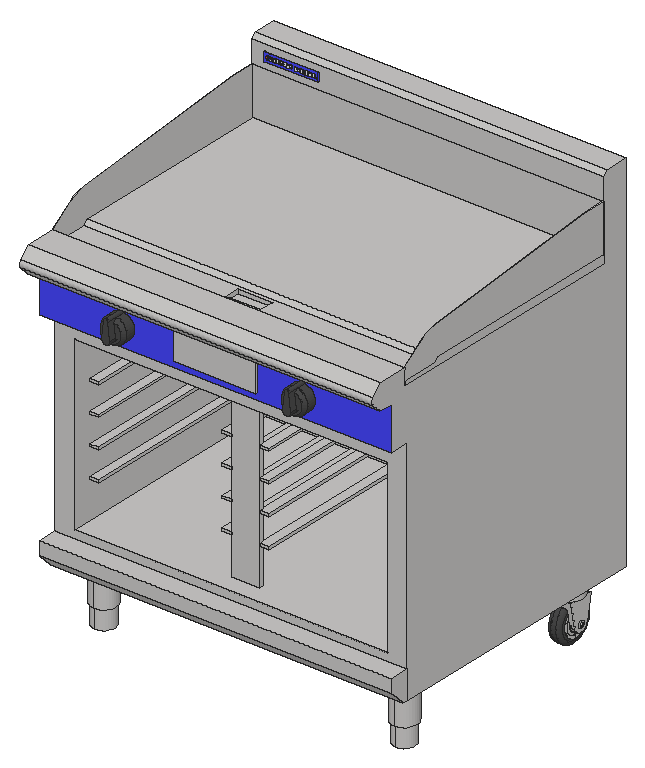
Revit family "QF_MOFFAT_BLUESEAL_CE_EP516-CB", category Specialty Equipment, Revit 2012
Parameters
  Weight in Pounds = 347  # constant formula
  Width [instance] = 900.00 mm  # constant formula
  Watts = 12000 W
  Volts = 400 V
  URL Cutsheet = "www.moffat.com"
  URL = "www.moffat.com"
  Type Mark [instance] = ""
  Status [instance] = ""
  Specification by User [instance] = ""
  Specification by Manufacturer = ""
  Show Logo [instance] = yes
  Show Casters [instance] = yes
  Serial Number = ""
  Seismic Rating = ""
  SMACNA No = ""
  Revision Code [instance] = ""
  Phase = 3
  Omniclass Number and Title = ""
  Number of Poles = 1
  NAFEM Spec ID Number = ""
  Model = "EP516-CB"
  Min Ckt Ampacity = 0 A
  Max Overcurrent Protection = 0 A
  Masterspec = ""
  Manufacturer = "MOFFAT BLUESEAL"
  Legs [instance] = not(Show Casters)  # no
  Item Number [instance] = ""
  Installed By [instance] = ""
  Identify Quantity as Lot [instance] = yes
  Height = 1085.00 mm  # constant formula
  HP = ""
  Furnished By [instance] = ""
  Foodservice Equipment Identifier [instance] = yes
  FL Amps = 16.6 A
  Electrical Remarks [instance] = "16.6A PER PHASE"
  Elec Conn RI Height = 0.00 mm
  Elec Conn Connection Height = 0.00 mm
  Description = "900MM ELECTRIC GRIDDLE PLATE ON CABINET BASE"
  Depth [instance] = 812.00 mm  # constant formula
  Cycle = 50 Hz
  Conn Plug = ""
  Conn Conduit = yes
  CSI MasterFormat = ""
  CSI Master Format = ""
  Back Splash [instance] = 215.00 mm  # constant formula
  Apparent Power = if(Phase = 3, Volts * FL Amps * 1.73, Volts * FL Amps)  # 11487.2 VA
Reference planes
  plane 1 "BACK": y = 0
  plane 2: z = 0
  plane 3 "LEFT": x = 0
  plane 4 "RIGHT": x = 900
  plane 5 "FRONT": y = -812
  plane 6 "TOP": z = 970
  plane 7 "Center Y": x = 450
  plane 8 "Center X": y = -406
  plane 9 "Base Height": z = 150
  plane 10: z = 915
  plane 11: x = 65
  plane 12: x = 834
  plane 13: y = -625
  plane 14: y = -100
  plane 15: x = 770
  plane 16: y = -32
  plane 17: z = 710
  plane 18: z = 1085
Forms (mm)
  Extrusion 1, solid, material "QF_Finishes_Stainless Steel"
    sketch origin (0, 0, 0) x (0, 1, 0) y (0, 0, 1)
      loop
        line (-100, 150) -> (0, 150) -> (0, 1085) -> (-57.5, 1085) -> (-70, 1072.5) -> (-70, 875) -> (-705, 875) -> (-705, 915) -> (-783.97, 915) -> (-808.485, 890.485)
        arc (-808.485, 890.485) -> (-811.999, 882) -> (-808.485, 873.515) r 12
        line (-808.485, 873.515) -> (-784.97, 850) -> (-749, 850) -> (-749, 740) -> (-100, 740) -> (-100, 150)
      loop
        line (-749, 186) -> (-713, 150) -> (-700, 150) -> (-700, 222.5) -> (-749, 222.5) -> (-749, 186)
    from 0 to 900
  Revolve 2, solid, material "QF_Finishes_Stainless Steel"
    sketch origin (834, -735, 0) x (0, 1, 0) y (0, 0, -1)
      loop
        line (78.25, -150) -> (110, -150) -> (110, 0) -> (82.5, 0) -> (82.5, -50) -> (78.25, -50) -> (78.25, -150)
      axis (110, -150) -> (110, 0)
    angle from 0 to 360
  Revolve 3, solid, material "QF_Finishes_Stainless Steel"
    sketch origin (65, -735, 0) x (0, 1, 0) y (0, 0, -1)
      loop
        line (78.25, -150) -> (110, -150) -> (110, 0) -> (82.5, 0) -> (82.5, -50) -> (78.25, -50) -> (78.25, -150)
      axis (110, -150) -> (110, 0)
    angle from 0 to 360
  Revolve 4, solid, material "QF_Finishes_Black"
    sketch origin (217.5, 7, 597.8) x (0, 1, 0) y (0, 0, -1)
      loop
        line (-789, -229.5) -> (-766, -229.5) -> (-766, -202) -> (-756, -202) -> (-756, -197) -> (-800, -197) -> (-800, -223.651) -> (-789, -229.5)
      axis (-800, -197) -> (-756, -197)
    angle from 0 to 360
  Extrusion 5, solid, material "QF_Finishes_Black"
    sketch origin (355.77, 0, 597.958) x (-1, 0, 0) y (0, 0, -1)
      loop
        line (127.85, -186.037) -> (133.271, -228.955)
        arc (133.271, -228.955) -> (138.27, -233.842) -> (143.268, -228.955) r 5
        line (143.268, -228.955) -> (148.757, -184.87)
        arc (148.757, -184.87) -> (137.685, -174.371) -> (127.85, -186.037) r 10.487
    from 759 to 808
  Extrusion 6, solid, material "QF_Finishes_Stainless Steel"
    sketch origin (-295, -749, 866) x (0, 0, -1) y (1, 0, 0)
      loop
        line (24, 640) -> (111, 640) -> (111, 850) -> (24, 850) -> (24, 640)
    from 0 to 2.5
  Extrusion 7, solid, material "QF_Finishes_Stainless Steel"
    sketch origin (-295, -751.5, 866) x (0, 0, -1) y (1, 0, 0)
      loop
        line (31, 850) -> (24, 850) -> (24, 640) -> (31, 640) -> (31, 850)
    from 0 to 5
  Extrusion 8, solid, material "QF_Finishes_Stainless Steel"
    sketch origin (0, 0, 740) x (0, -1, 0) y (-1, 0, 0)
      loop
        circle (32, -770) r 13.5
    from -30 to 0
  Revolve 9, solid, material "QF_Finishes_Black"
    sketch origin (680.116, 7, 597.8) x (0, 1, 0) y (0, 0, 1)
      loop
        line (-789, 229.5) -> (-800, 223.651) -> (-800, 197) -> (-756, 197) -> (-756, 202) -> (-766, 202) -> (-766, 229.5) -> (-789, 229.5)
      axis (-800, 197) -> (-756, 197)
    angle from 0 to 360
  Extrusion 10, solid, material "QF_Finishes_Black"
    sketch origin (541.846, 0, 597.958) x (1, 0, 0) y (0, 0, 1)
      loop
        line (148.689, 186.037) -> (143.268, 228.955)
        arc (143.268, 228.955) -> (138.27, 233.842) -> (133.271, 228.955) r 5
        line (133.271, 228.955) -> (127.782, 184.87)
        arc (127.782, 184.87) -> (138.854, 174.371) -> (148.689, 186.037) r 10.487
    from 759 to 808
  Extrusion 11, solid, material "QF_Finishes_Stainless Steel"
    sketch origin (0, -100, 685) x (0, 0, 1) y (-1, 0, 0)
      loop
        line (55, 0) -> (-535, 0) -> (-535, -900) -> (55, -900) -> (55, 0)
      loop
        line (-5, -50) -> (-442.5, -50) -> (-442.5, -850) -> (-5, -850) -> (-5, -50)
    from 0 to 599
  Extrusion 12, solid, material "QF_Finishes_Stainless Steel"
    sketch origin (0, -100, 685) x (0, 0, 1) y (-1, 0, 0)
      loop
        line (-5, -485.5) -> (-5, -414.5) -> (-442.5, -414.5) -> (-442.5, -485.5) -> (-5, -485.5)
    from 543.302 to 553.302
  Extrusion 13, solid, material "QF_Finishes_Stainless Steel"
    sketch origin (0, -100, 685) x (0, 0, 1) y (-1, 0, 0)
      loop
        line (-196.25, -414.5) -> (-189.9, -414.5) -> (-189.9, -389.5) -> (-196.25, -389.5) -> (-196.25, -414.5)
      loop
        line (-271.25, -414.5) -> (-264.9, -414.5) -> (-264.9, -389.5) -> (-271.25, -389.5) -> (-271.25, -414.5)
      loop
        line (-271.25, -50) -> (-271.25, -75) -> (-264.9, -75) -> (-264.9, -50) -> (-271.25, -50)
      loop
        line (-189.9, -75) -> (-189.9, -50) -> (-196.25, -50) -> (-196.25, -75) -> (-189.9, -75)
      loop
        line (-346.25, -414.5) -> (-339.9, -414.5) -> (-339.9, -389.5) -> (-346.25, -389.5) -> (-346.25, -414.5)
      loop
        line (-346.25, -50) -> (-346.25, -75) -> (-339.9, -75) -> (-339.9, -50) -> (-346.25, -50)
      loop
        line (-121.25, -414.5) -> (-114.9, -414.5) -> (-114.9, -389.5) -> (-121.25, -389.5) -> (-121.25, -414.5)
      loop
        line (-114.9, -75) -> (-114.9, -50) -> (-121.25, -50) -> (-121.25, -75) -> (-114.9, -75)
      loop
        line (-196.25, -485.5) -> (-196.25, -510.5) -> (-189.9, -510.5) -> (-189.9, -485.5) -> (-196.25, -485.5)
      loop
        line (-271.25, -485.5) -> (-271.25, -510.5) -> (-264.9, -510.5) -> (-264.9, -485.5) -> (-271.25, -485.5)
      loop
        line (-271.25, -850) -> (-264.9, -850) -> (-264.9, -825) -> (-271.25, -825) -> (-271.25, -850)
      loop
        line (-189.9, -825) -> (-196.25, -825) -> (-196.25, -850) -> (-189.9, -850) -> (-189.9, -825)
      loop
        line (-346.25, -485.5) -> (-346.25, -510.5) -> (-339.9, -510.5) -> (-339.9, -485.5) -> (-346.25, -485.5)
      loop
        line (-346.25, -850) -> (-339.9, -850) -> (-339.9, -825) -> (-346.25, -825) -> (-346.25, -850)
      loop
        line (-121.25, -485.5) -> (-121.25, -510.5) -> (-114.9, -510.5) -> (-114.9, -485.5) -> (-121.25, -485.5)
      loop
        line (-114.9, -825) -> (-121.25, -825) -> (-121.25, -850) -> (-114.9, -850) -> (-114.9, -825)
    from 0 to 553.302
  Extrusion 14, void
    sketch origin (0, 0, 150) x (-1, 0, 0) y (0, -1, 0)
      loop
        line (-832.738, 87.26) -> (-832.738, -30.24) -> (-703.238, -30.24) -> (-703.238, 38.76) -> (-751.738, 87.26) -> (-832.738, 87.26)
    from 72.5 to 590
  Revolve 15, solid, material "QF_Finishes_Stainless Steel", visible <- "Legs"
    sketch origin (834.5, -210, 0) x (0, 1, 0) y (0, 0, -1)
      loop
        line (78.25, -150) -> (110, -150) -> (110, 0) -> (82.5, 0) -> (82.5, -50) -> (78.25, -50) -> (78.25, -150)
      axis (110, -150) -> (110, 0)
    angle from 0 to 360
  Revolve 16, solid, material "QF_Finishes_Stainless Steel", visible <- "Legs"
    sketch origin (65, -210, 0) x (0, 1, 0) y (0, 0, -1)
      loop
        line (78.25, -150) -> (110, -150) -> (110, 0) -> (82.5, 0) -> (82.5, -50) -> (78.25, -50) -> (78.25, -150)
      axis (110, -150) -> (110, 0)
    angle from 0 to 360
  Revolve 17, solid, material "QF_Finishes_Stainless Steel", visible <- "Legs"
    sketch origin (65.5, -166, 0) x (0, 1, 0) y (0, 0, 1)
      loop
        line (34.25, 150) -> (34.25, 50) -> (38.5, 50) -> (38.5, 0) -> (66, 0) -> (66, 150) -> (34.25, 150)
      axis (66, 150) -> (66, 0)
    angle from 0 to 360
  Revolve 18, solid, material "QF_Finishes_Stainless Steel", visible <- "Legs"
    sketch origin (835, -166, 0) x (0, 1, 0) y (0, 0, -1)
      loop
        line (34.25, -150) -> (66, -150) -> (66, 0) -> (38.5, 0) -> (38.5, -50) -> (34.25, -50) -> (34.25, -150)
      axis (66, -150) -> (66, 0)
    angle from 0 to 360
  Revolve 19, solid, material "QF_Finishes_Stainless Steel", visible <- "Show Casters"
    sketch origin (16.276, -100.755, -13.653) x (1, 0, 0) y (0, 0, 1)
      loop
        line (14.841, 63.604) -> (83.584, 63.604) -> (83.584, 67.109) -> (82.314, 68.379) -> (80.79, 68.379) -> (80.79, 71.826) -> (68.644, 71.826) -> (68.644, 81.79) -> (65.088, 83.843) -> (63.738, 92.179) -> (65.881, 92.179) -> (65.881, 98.529) -> (65.088, 98.529) -> (65.088, 104.879)
        arc (65.088, 104.879) -> (62.298, 111.614) -> (55.563, 114.404) r 9.525
        line (55.563, 114.404) -> (42.863, 114.404)
        arc (42.863, 114.404) -> (36.127, 111.614) -> (33.338, 104.879) r 9.525
        line (33.338, 104.879) -> (33.338, 98.529) -> (32.544, 98.529) -> (32.544, 92.179) -> (34.687, 92.179) -> (33.352, 83.932) -> (29.782, 81.871) -> (29.782, 71.826) -> (17.635, 71.826) -> (17.635, 68.379) -> (16.111, 68.379) -> (14.841, 67.109) -> (14.841, 63.604)
      axis (14.841, 63.604) -> (83.584, 63.604)
    angle from 0 to 360
  Extrusion 20, solid, material "QF_Finishes_Stainless Steel", visible <- "Show Casters"
    sketch origin (72.001, 132.353, -8.783) x (0, 1, 0) y (0, 0, 1)
      loop
        line (-200.603, 118.783) -> (-264.103, 118.783) -> (-251.746, 53.895)
        arc (-251.746, 53.895) -> (-232.353, 38.783) -> (-212.959, 53.895) r 20
        line (-212.959, 53.895) -> (-200.603, 118.783)
    from -35.667 to 22.923
  Revolve 21, solid, material "QF_Finishes_Stainless Steel", visible <- "Show Casters"
    sketch origin (65.5, -204, 0) x (0, 1, 0) y (0, 0, 1)
      loop
        line (68.25, 150) -> (68.25, 110) -> (104, 110) -> (104, 150) -> (68.25, 150)
      axis (104, 150) -> (104, 110)
    angle from 0 to 360
  Revolve 22, solid, material "QF_Finishes_Stainless Steel", visible <- "Legs"
    sketch origin (65.5, -166, 0) x (0, 1, 0) y (0, 0, 1)
      loop
        line (34.25, 150) -> (34.25, 50) -> (38.5, 50) -> (38.5, 0) -> (66, 0) -> (66, 150) -> (34.25, 150)
      axis (66, 150) -> (66, 0)
    angle from 0 to 360
  Extrusion 23, solid, material "QF_Finishes_Stainless Steel", visible <- "Show Casters"
    sketch origin (841.501, 132.353, -8.783) x (0, 1, 0) y (0, 0, 1)
      loop
        line (-200.603, 118.783) -> (-264.103, 118.783) -> (-251.746, 53.895)
        arc (-251.746, 53.895) -> (-232.353, 38.783) -> (-212.959, 53.895) r 20
        line (-212.959, 53.895) -> (-200.603, 118.783)
    from -35.667 to 22.923
  Revolve 24, solid, material "QF_Finishes_Stainless Steel", visible <- "Show Casters"
    sketch origin (835, -204, 0) x (0, 1, 0) y (0, 0, 1)
      loop
        line (68.25, 150) -> (68.25, 110) -> (104, 110) -> (104, 150) -> (68.25, 150)
      axis (104, 150) -> (104, 110)
    angle from 0 to 360
  Revolve 25, solid, material "QF_Finishes_Stainless Steel", visible <- "Show Casters"
    sketch origin (786.276, -100.755, -13.653) x (1, 0, 0) y (0, 0, 1)
      loop
        line (14.841, 63.604) -> (83.584, 63.604) -> (83.584, 67.109) -> (82.314, 68.379) -> (80.79, 68.379) -> (80.79, 71.826) -> (68.644, 71.826) -> (68.644, 81.79) -> (65.088, 83.843) -> (63.738, 92.179) -> (65.881, 92.179) -> (65.881, 98.529) -> (65.088, 98.529) -> (65.088, 104.879)
        arc (65.088, 104.879) -> (62.298, 111.614) -> (55.563, 114.404) r 9.525
        line (55.563, 114.404) -> (42.863, 114.404)
        arc (42.863, 114.404) -> (36.127, 111.614) -> (33.338, 104.879) r 9.525
        line (33.338, 104.879) -> (33.338, 98.529) -> (32.544, 98.529) -> (32.544, 92.179) -> (34.687, 92.179) -> (33.352, 83.932) -> (29.782, 81.871) -> (29.782, 71.826) -> (17.635, 71.826) -> (17.635, 68.379) -> (16.111, 68.379) -> (14.841, 67.109) -> (14.841, 63.604)
      axis (14.841, 63.604) -> (83.584, 63.604)
    angle from 0 to 360
Cuts and joins
  joined: Extrusion 6, Extrusion 7
  Extrusion 14 cuts Extrusion 1
  joined: Extrusion 1, Extrusion 11
Lines and regions (mm)
  Split face 1
    outline origin (900, 0, 1085) x (-1, 0, 0) y (0, -1, 0)
      loop
        arc (44, 45.385) -> (35.34, 40.385) -> (35.34, 30.385) r 10
        line (35.34, 30.385) -> (39.381, 23.385)
        arc (39.381, 23.385) -> (43.041, 19.725) -> (48.041, 18.385) r 10
        line (48.041, 18.385) -> (276, 18.385)
        arc (276, 18.385) -> (284.66, 23.385) -> (284.66, 33.385) r 10
        line (284.66, 33.385) -> (280.619, 40.385)
        arc (280.619, 40.385) -> (276.959, 44.045) -> (271.959, 45.385) r 10
        line (271.959, 45.385) -> (44, 45.385)
  Split face 2
    outline origin (900, 0, 1085) x (-1, 0, 0) y (0, -1, 0)
      loop
        arc (334, 45.385) -> (325.34, 40.385) -> (325.34, 30.385) r 10
        line (325.34, 30.385) -> (329.381, 23.385)
        arc (329.381, 23.385) -> (333.041, 19.725) -> (338.041, 18.385) r 10
        line (338.041, 18.385) -> (566, 18.385)
        arc (566, 18.385) -> (574.66, 23.385) -> (574.66, 33.385) r 10
        line (574.66, 33.385) -> (570.619, 40.385)
        arc (570.619, 40.385) -> (566.959, 44.045) -> (561.959, 45.385) r 10
        line (561.959, 45.385) -> (334, 45.385)
  Split face 3
    outline origin (900, 0, 1085) x (-1, 0, 0) y (0, -1, 0)
      loop
        arc (856, 18.385) -> (864.66, 23.385) -> (864.66, 33.385) r 10
        line (864.66, 33.385) -> (860.619, 40.385)
        arc (860.619, 40.385) -> (856.959, 44.045) -> (851.959, 45.385) r 10
        line (851.959, 45.385) -> (624, 45.385)
        arc (624, 45.385) -> (615.34, 40.385) -> (615.34, 30.385) r 10
        line (615.34, 30.385) -> (619.381, 23.385)
        arc (619.381, 23.385) -> (623.041, 19.725) -> (628.041, 18.385) r 10
        line (628.041, 18.385) -> (856, 18.385)
  Split face 4
    outline origin (900, -749, 850) x (-1, 0, 0) y (0, 0, -1)
      loop
        circle (637.495, 45.2) r 7.15
  Split face 5
    outline origin (900, -749, 850) x (-1, 0, 0) y (0, 0, -1)
      loop
        circle (637.495, 25.2) r 7.15
  Split face 6
    outline origin (900, -749, 850) x (-1, 0, 0) y (0, 0, -1)
      loop
        circle (174.879, 45.2) r 7.15
  Split face 7
    outline origin (900, -749, 850) x (-1, 0, 0) y (0, 0, -1)
      loop
        circle (174.879, 25.2) r 7.15
  Split face 8
    outline origin (345, -751.5, 755) x (1, 0, 0) y (0, 0, 1)
      loop
        arc (98, 75.9) -> (94, 71.9) -> (98, 67.9) r 4
        line (98, 67.9) -> (112, 67.9)
        arc (112, 67.9) -> (116, 71.9) -> (112, 75.9) r 4
        line (112, 75.9) -> (98, 75.9)
  symbolic lines
    curve 1: line (0, 0, 0) -> (0, -812, 0)
    curve 2: line (900, 0, 0) -> (0, 0, 0)
    curve 3: line (900, -812, 0) -> (900, 0, 0)
    curve 4: line (0, -70, 0) -> (900, -70, 0)
    curve 5: line (0, -812, 0) -> (900, -812, 0)
    curve 6: line (271.959, -18.385, 0) -> (44, -18.385, 0)
    curve 7: arc (44, -18.385, 0) -> (35.34, -23.385, 0) -> (35.34, -33.385, 0) r 10
    curve 8: line (35.34, -33.385, 0) -> (39.381, -40.385, 0)
    curve 9: arc (39.381, -40.385, 0) -> (43.041, -44.045, 0) -> (48.041, -45.385, 0) r 10
    curve 10: line (48.041, -45.385, 0) -> (276, -45.385, 0)
    curve 11: arc (276, -45.385, 0) -> (284.66, -40.385, 0) -> (284.66, -30.385, 0) r 10
    curve 12: line (284.66, -30.385, 0) -> (280.619, -23.385, 0)
    curve 13: arc (280.619, -23.385, 0) -> (276.959, -19.725, 0) -> (271.959, -18.385, 0) r 10
    curve 14: line (334, -18.385, 0) -> (561.959, -18.385, 0)
    curve 15: arc (561.959, -18.385, 0) -> (566.959, -19.725, 0) -> (570.619, -23.385, 0) r 10
    curve 16: line (570.619, -23.385, 0) -> (574.66, -30.385, 0)
    curve 17: arc (574.66, -30.385, 0) -> (574.66, -40.385, 0) -> (566, -45.385, 0) r 10
    curve 18: line (566, -45.385, 0) -> (338.041, -45.385, 0)
    curve 19: arc (338.041, -45.385, 0) -> (333.041, -44.045, 0) -> (329.381, -40.385, 0) r 10
    curve 20: line (329.381, -40.385, 0) -> (325.34, -33.385, 0)
    curve 21: arc (325.34, -33.385, 0) -> (325.34, -23.385, 0) -> (334, -18.385, 0) r 10
    curve 22: line (624, -18.385, 0) -> (851.959, -18.385, 0)
    curve 23: arc (851.959, -18.385, 0) -> (856.959, -19.725, 0) -> (860.619, -23.385, 0) r 10
    curve 24: line (860.619, -23.385, 0) -> (864.66, -30.385, 0)
    curve 25: arc (864.66, -30.385, 0) -> (864.66, -40.385, 0) -> (856, -45.385, 0) r 10
    curve 26: line (856, -45.385, 0) -> (628.041, -45.385, 0)
    curve 27: arc (628.041, -45.385, 0) -> (623.041, -44.045, 0) -> (619.381, -40.385, 0) r 10
    curve 28: line (619.381, -40.385, 0) -> (615.34, -33.385, 0)
    curve 29: arc (615.34, -33.385, 0) -> (615.34, -23.385, 0) -> (624, -18.385, 0) r 10
    curve 30: line (0, -57.5, 0) -> (900, -57.5, 0)
    curve 31: line (0, -783.97, 0) -> (900, -783.97, 0)
  symbolic lines, style "SpecialityEquipmentHiddenLines", visible <- "Show Casters"
    curve 32: line (78.456, -46.735, 0) -> (105.952, -62.61, 0)
    curve 33: line (27.656, -134.723, 0) -> (78.456, -46.735, 0)
    curve 34: line (55.152, -150.598, 0) -> (27.656, -134.723, 0)
    curve 35: line (105.952, -62.61, 0) -> (55.152, -150.598, 0)
    curve 36: line (847.956, -46.735, 0) -> (875.452, -62.61, 0)
    curve 37: line (797.156, -134.723, 0) -> (847.956, -46.735, 0)
    curve 38: line (824.652, -150.598, 0) -> (797.156, -134.723, 0)
    curve 39: line (875.452, -62.61, 0) -> (824.652, -150.598, 0)
Dimensions and locks
  equal spacing: plane 3 "LEFT", plane 7 "Center Y", plane 4 "RIGHT"
  "Width": plane 3 "LEFT" to plane 4 "RIGHT"
  equal spacing: plane 5 "FRONT", plane 8 "Center X", plane 1 "BACK"
  "Depth": plane 5 "FRONT" to plane 1 "BACK"
  locked: plane 10 to level at 915
  locked: plane 9 "Base Height" to level at 150
  plane 6 "TOP" to plane 10 = 55.00 mm
  plane 13 to plane 14 = 525.00 mm
  plane 12 to plane 11 = 769.00 mm
  plane 15 to plane 4 "RIGHT" = 130.00 mm
  plane 16 to plane 1 "BACK" = 32.00 mm
  plane 17 to level = 710.00 mm
  plane 18 to plane 2 = 1085.00 mm
  Revolve 19 sketch curve to Revolve 19 sketch curve = 50.80 mm
  Revolve 25 sketch curve to Revolve 25 sketch curve = 50.80 mm
  plane 2 to Extrusion 8 = 740.00 mm
  aligned and locked: level to plane 2
Automatic sketch dimensions
  plane 1 "BACK" to curve 1 = 0.00 mm
  curve 1 to plane 3 "LEFT" = 0.00 mm
  curve 2 to plane 4 "RIGHT" = 0.00 mm
  plane 5 "FRONT" to curve 1 = 0.00 mm
  Revolve 2 sketch curve to plane 9 "Base Height" = 0.00 mm
  Revolve 2 sketch curve to level = 0.00 mm
  Revolve 2 sketch curve to plane 13 = 0.00 mm  (x2)
  Revolve 2 sketch curve to plane 13 = 27.50 mm
  Revolve 2 sketch curve to plane 13 = 31.75 mm
  level to Revolve 2 sketch curve = 50.00 mm
  Revolve 2 sketch curve to Revolve 2 sketch curve = 0.00 mm
  Revolve 2 sketch curve to Revolve 2 sketch curve = 55.00 mm
  Revolve 3 sketch curve to plane 9 "Base Height" = 0.00 mm
  Revolve 3 sketch curve to level = 0.00 mm
  Revolve 3 sketch curve to plane 13 = 0.00 mm  (x2)
  Revolve 3 sketch curve to plane 13 = 27.50 mm
  Revolve 3 sketch curve to plane 13 = 31.75 mm
  level to Revolve 3 sketch curve = 50.00 mm
  Revolve 3 sketch curve to Revolve 3 sketch curve = 0.00 mm
  Revolve 3 sketch curve to Revolve 3 sketch curve = 55.00 mm
  Revolve 4 sketch curve to plane 5 "FRONT" = 19.00 mm
  Revolve 4 sketch curve to Revolve 4 sketch curve = 0.00 mm  (x2)
  Revolve 4 sketch curve to Revolve 4 sketch curve = 11.00 mm
  Revolve 4 sketch curve to Revolve 4 sketch curve = 12.70 mm
  Revolve 4 sketch curve to Revolve 4 sketch curve = 23.00 mm
  Revolve 4 sketch curve to Revolve 4 sketch curve = 10.00 mm
  Revolve 4 sketch curve to plane 10 = 87.70 mm
  Revolve 4 sketch curve to Revolve 4 sketch curve = 5.849 mm
  Revolve 4 sketch curve to Revolve 4 sketch curve = 27.50 mm
  Revolve 4 sketch curve to Revolve 4 sketch curve = 5.00 mm
  Extrusion 6 sketch curve to Extrusion 6 sketch curve = 210.00 mm
  Extrusion 7 sketch curve to Extrusion 6 = 0.00 mm  (x2)
  Extrusion 6 to Extrusion 7 sketch curve = 0.00 mm
  Extrusion 7 sketch curve to Extrusion 6 = 7.00 mm
  Revolve 9 sketch curve to plane 5 "FRONT" = 19.00 mm
  Revolve 9 sketch curve to Revolve 9 sketch curve = 0.00 mm  (x2)
  Revolve 9 sketch curve to Revolve 9 sketch curve = 11.00 mm
  Revolve 9 sketch curve to Revolve 9 sketch curve = 12.70 mm
  Revolve 9 sketch curve to Revolve 9 sketch curve = 23.00 mm
  Revolve 9 sketch curve to Revolve 9 sketch curve = 10.00 mm
  Revolve 9 sketch curve to plane 10 = 120.20 mm
  Revolve 9 sketch curve to Revolve 9 sketch curve = 5.00 mm
  Revolve 9 sketch curve to Revolve 9 sketch curve = 26.651 mm
  Revolve 9 sketch curve to Revolve 9 sketch curve = 5.849 mm
  Extrusion 1 sketch curve to plane 9 "Base Height" = 0.00 mm  (x2)
  Extrusion 1 sketch curve to plane 14 = 0.00 mm
  Extrusion 11 sketch curve to Extrusion 1 = 0.00 mm  (x4)
  Extrusion 1 to Extrusion 11 sketch curve = 92.50 mm
  Extrusion 1 to Extrusion 11 sketch curve = 60.00 mm
  Extrusion 1 to Extrusion 11 sketch curve = 50.00 mm  (x2)
  Extrusion 1 to Extrusion 13 sketch curve = 75.00 mm  (x2)
  Extrusion 1 to Extrusion 13 sketch curve = 188.75 mm  (x3)
  Extrusion 13 sketch curve to Extrusion 13 sketch curve = 0.00 mm  (x6)
  Extrusion 1 to Extrusion 13 sketch curve = 50.00 mm  (x4)
  Extrusion 13 sketch curve to Extrusion 13 sketch curve = 6.35 mm  (x16)
  Extrusion 13 sketch curve to Extrusion 13 sketch curve = 68.65 mm  (x12)
  Extrusion 13 sketch curve to Extrusion 13 sketch curve = 25.00 mm  (x16)
  Extrusion 13 sketch curve to Extrusion 13 sketch curve = 314.50 mm
  Extrusion 13 sketch curve to Extrusion 13 sketch curve = 71.00 mm  (x4)
  Extrusion 1 to Extrusion 12 sketch curve = 92.50 mm
  Extrusion 1 to Extrusion 12 sketch curve = 60.00 mm
  Extrusion 1 to Extrusion 12 sketch curve = 414.50 mm
  Extrusion 12 sketch curve to Extrusion 12 sketch curve = 71.00 mm
  plane 12 to Extrusion 14 sketch curve = 1.262 mm
  Extrusion 14 sketch curve to plane 15 = 18.262 mm
  Extrusion 14 sketch curve to plane 16 = 6.76 mm
  Extrusion 14 sketch curve to plane 15 = 66.762 mm
  Extrusion 14 sketch curve to plane 1 "BACK" = 30.24 mm
  plane 14 to Extrusion 14 sketch curve = 12.74 mm
  Extrusion 14 to Extrusion 8 sketch curve = 62.738 mm
  Extrusion 14 to Extrusion 8 sketch curve = 55.26 mm
  plane 17 to Extrusion 1 sketch curve = 30.00 mm
  Extrusion 1 sketch curve to plane 18 = 12.50 mm
  plane 18 to Extrusion 1 sketch curve = 0.00 mm
  Extrusion 1 sketch curve to Extrusion 1 sketch curve = 12.50 mm
  Extrusion 1 sketch curve to plane 1 "BACK" = 0.00 mm
  Extrusion 1 sketch curve to plane 5 "FRONT" = 28.03 mm
  Extrusion 1 sketch curve to plane 5 "FRONT" = 27.03 mm
  Extrusion 1 sketch curve to plane 5 "FRONT" = 12.001 mm
  Extrusion 1 sketch curve to plane 5 "FRONT" = 3.515 mm  (x2)
  Extrusion 1 sketch curve to plane 10 = 65.00 mm
  Extrusion 1 sketch curve to Extrusion 1 sketch curve = 23.515 mm
  Extrusion 1 sketch curve to Extrusion 1 sketch curve = 8.485 mm
  Extrusion 1 sketch curve to Extrusion 1 sketch curve = 35.97 mm
  Extrusion 1 sketch curve to plane 10 = 0.00 mm
  Extrusion 1 sketch curve to Extrusion 1 sketch curve = 36.00 mm
  plane 9 "Base Height" to Extrusion 1 sketch curve = 36.00 mm
  Extrusion 1 sketch curve to Extrusion 1 sketch curve = 36.50 mm
  Extrusion 1 sketch curve to Extrusion 1 sketch curve = 49.00 mm  (x2)
  Extrusion 1 sketch curve to Extrusion 1 sketch curve = 44.00 mm
  plane 14 to Extrusion 1 sketch curve = 30.00 mm
  Extrusion 1 sketch curve to Extrusion 1 sketch curve = 40.00 mm
  Extrusion 6 sketch curve to plane 10 = 73.00 mm
  plane 17 to Extrusion 6 sketch curve = 45.00 mm
  Extrusion 6 sketch curve to plane 7 "Center Y" = 105.00 mm
  plane 17 to Extrusion 5 sketch curve = 73.995 mm
  plane 11 to Extrusion 5 sketch curve = 162.919 mm
  Extrusion 5 sketch curve to Extrusion 5 sketch curve = 5.421 mm
  Extrusion 5 sketch curve to Extrusion 5 sketch curve = 10.419 mm
  Extrusion 5 sketch curve to Extrusion 5 sketch curve = 4.999 mm  (x2)
  Extrusion 5 sketch curve to plane 10 = 88.087 mm
  Extrusion 5 sketch curve to Extrusion 5 sketch curve = 10.487 mm
  Extrusion 5 sketch curve to Extrusion 5 sketch curve = 0.113 mm
  Extrusion 5 sketch curve to Extrusion 5 sketch curve = 1.167 mm
  Extrusion 10 sketch curve to plane 15 = 100.371 mm
  Extrusion 10 sketch curve to Extrusion 10 sketch curve = 5.489 mm
  Extrusion 10 sketch curve to Extrusion 10 sketch curve = 4.999 mm  (x2)
  Extrusion 10 sketch curve to Extrusion 10 sketch curve = 10.487 mm
  plane 17 to Extrusion 10 sketch curve = 73.995 mm
  Extrusion 10 sketch curve to Extrusion 10 sketch curve = 10.419 mm
  Extrusion 10 sketch curve to Extrusion 10 sketch curve = 1.167 mm
  Extrusion 10 sketch curve to Extrusion 10 sketch curve = 44.00 mm
  Extrusion 10 sketch curve to Extrusion 10 sketch curve = 0.113 mm
  Split face 1 sketch curve to cut or joined group of Extrusion 1, Extrusion 11, Extrusion 14 = 35.34 mm
  Split face 1 sketch curve to Split face 1 sketch curve = 4.041 mm  (x3)
  Split face 1 sketch curve to Split face 1 sketch curve = 8.66 mm  (x3)
  Split face 1 sketch curve to cut or joined group of Extrusion 1, Extrusion 11, Extrusion 14 = 12.115 mm
  Split face 1 sketch curve to Split face 1 sketch curve = 223.917 mm
  Split face 1 sketch curve to cut or joined group of Extrusion 1, Extrusion 11, Extrusion 14 = 17.115 mm
  Split face 1 sketch curve to cut or joined group of Extrusion 1, Extrusion 11, Extrusion 14 = 24.115 mm
  Split face 1 sketch curve to Split face 1 sketch curve = 15.00 mm
  Split face 1 sketch curve to Split face 1 sketch curve = 7.00 mm  (x2)
  Split face 2 sketch curve to cut or joined group of Extrusion 1, Extrusion 11, Extrusion 14 = 27.115 mm
  Split face 2 sketch curve to cut or joined group of Extrusion 1, Extrusion 11, Extrusion 14 = 325.34 mm
  Split face 2 sketch curve to cut or joined group of Extrusion 1, Extrusion 11, Extrusion 14 = 23.385 mm
  Split face 2 sketch curve to Split face 2 sketch curve = 4.041 mm  (x3)
  Split face 2 sketch curve to Split face 2 sketch curve = 8.66 mm  (x3)
  Split face 2 sketch curve to cut or joined group of Extrusion 1, Extrusion 11, Extrusion 14 = 12.115 mm
  Split face 2 sketch curve to Split face 2 sketch curve = 223.917 mm
  Split face 2 sketch curve to cut or joined group of Extrusion 1, Extrusion 11, Extrusion 14 = 17.115 mm
  Split face 2 sketch curve to cut or joined group of Extrusion 1, Extrusion 11, Extrusion 14 = 24.115 mm
  Split face 2 sketch curve to Split face 2 sketch curve = 5.00 mm
  Split face 3 sketch curve to cut or joined group of Extrusion 1, Extrusion 11, Extrusion 14 = 27.115 mm
  Split face 3 sketch curve to cut or joined group of Extrusion 1, Extrusion 11, Extrusion 14 = 284.66 mm
  Split face 3 sketch curve to Split face 3 sketch curve = 4.041 mm  (x4)
  Split face 3 sketch curve to Split face 3 sketch curve = 8.66 mm  (x2)
  Split face 3 sketch curve to cut or joined group of Extrusion 1, Extrusion 11, Extrusion 14 = 12.115 mm
  Split face 3 sketch curve to cut or joined group of Extrusion 1, Extrusion 11, Extrusion 14 = 48.041 mm
  Split face 3 sketch curve to Split face 3 sketch curve = 7.00 mm  (x3)
  Split face 3 sketch curve to Split face 3 sketch curve = 17.00 mm
  curve 7 to plane 16 = 1.385 mm
  curve 7 to plane 11 = 29.66 mm
  curve 8 to plane 16 = 8.385 mm
  curve 8 to curve 8 = 4.041 mm
  curve 7 to curve 7 = 8.66 mm
  curve 9 to curve 10 = 8.66 mm
  plane 16 to curve 13 = 3.615 mm
  curve 13 to plane 7 "Center Y" = 178.041 mm
  curve 11 to plane 16 = 3.385 mm
  curve 13 to curve 11 = 4.041 mm
  curve 13 to curve 13 = 8.66 mm
  plane 16 to curve 12 = 1.615 mm
  curve 12 to curve 12 = 4.041 mm
  plane 16 to curve 7 = 3.615 mm
  curve 21 to plane 16 = 1.385 mm
  curve 12 to curve 21 = 40.679 mm
  curve 20 to plane 16 = 8.385 mm
  curve 20 to curve 20 = 4.041 mm
  plane 16 to curve 21 = 3.615 mm
  curve 21 to curve 21 = 8.66 mm
  curve 19 to curve 19 = 8.66 mm
  plane 7 "Center Y" to curve 14 = 111.959 mm
  curve 17 to plane 16 = 3.385 mm
  curve 15 to curve 17 = 4.041 mm
  plane 16 to curve 16 = 8.615 mm
  curve 15 to curve 16 = 8.66 mm
  plane 16 to curve 16 = 1.615 mm
  curve 16 to curve 16 = 4.041 mm
  curve 28 to plane 16 = 1.385 mm
  curve 16 to curve 28 = 40.679 mm
  curve 28 to plane 16 = 8.385 mm
  curve 28 to curve 28 = 4.041 mm
  plane 16 to curve 29 = 3.615 mm
  curve 29 to curve 29 = 8.66 mm
  curve 27 to plane 16 = 3.385 mm
  curve 29 to curve 27 = 4.041 mm
  curve 23 to plane 12 = 17.959 mm
  curve 23 to curve 25 = 4.041 mm  (x2)
  plane 16 to curve 24 = 8.615 mm
  curve 23 to curve 24 = 8.66 mm
  plane 16 to curve 25 = 1.615 mm
  curve 4 to curve 30 = 12.50 mm
  curve 31 to plane 5 "FRONT" = 28.03 mm
  Revolve 15 sketch curve to plane 9 "Base Height" = 0.00 mm
  Revolve 15 sketch curve to level = 0.00 mm
  Revolve 15 sketch curve to plane 14 = 0.00 mm  (x2)
  Revolve 15 sketch curve to Revolve 15 sketch curve = 27.50 mm
  Revolve 15 sketch curve to Revolve 15 sketch curve = 31.75 mm
  level to Revolve 15 sketch curve = 50.00 mm
  Revolve 15 sketch curve to Revolve 15 sketch curve = 0.00 mm
  Revolve 15 sketch curve to Revolve 15 sketch curve = 55.00 mm
  Revolve 16 sketch curve to plane 9 "Base Height" = 0.00 mm
  Revolve 16 sketch curve to level = 0.00 mm
  Revolve 16 sketch curve to plane 14 = 0.00 mm  (x2)
  Revolve 16 sketch curve to plane 14 = 27.50 mm
  Revolve 16 sketch curve to plane 14 = 31.75 mm
  level to Revolve 16 sketch curve = 50.00 mm
  Revolve 16 sketch curve to Revolve 16 sketch curve = 0.00 mm
  Revolve 16 sketch curve to Revolve 16 sketch curve = 55.00 mm
  Revolve 17 sketch curve to plane 9 "Base Height" = 0.00 mm
  Revolve 17 sketch curve to level = 0.00 mm
  Revolve 17 sketch curve to plane 14 = 0.00 mm  (x2)
  Revolve 17 sketch curve to plane 14 = 27.50 mm
  Revolve 17 sketch curve to plane 14 = 31.75 mm
  Revolve 17 sketch curve to Revolve 17 sketch curve = 55.00 mm
  level to Revolve 17 sketch curve = 50.00 mm
  Revolve 17 sketch curve to Revolve 17 sketch curve = 0.00 mm
  Revolve 18 sketch curve to plane 9 "Base Height" = 0.00 mm
  Revolve 18 sketch curve to level = 0.00 mm
  Revolve 18 sketch curve to plane 14 = 0.00 mm  (x2)
  Revolve 18 sketch curve to plane 14 = 27.50 mm
  Revolve 18 sketch curve to plane 14 = 31.75 mm
  level to Revolve 18 sketch curve = 50.00 mm
  Revolve 18 sketch curve to Revolve 18 sketch curve = 0.00 mm
  Revolve 18 sketch curve to Revolve 18 sketch curve = 55.00 mm
  plane 3 "LEFT" to Revolve 19 sketch curve = 31.118 mm
  Revolve 19 sketch curve to Revolve 19 sketch curve = 1.27 mm  (x4)
  Revolve 19 sketch curve to Revolve 19 sketch curve = 1.524 mm  (x2)
  Revolve 19 sketch curve to Revolve 19 sketch curve = 12.146 mm  (x2)
  Revolve 19 sketch curve to plane 11 = 16.18 mm
  Revolve 19 sketch curve to Revolve 19 sketch curve = 0.794 mm  (x2)
  Revolve 19 sketch curve to Revolve 19 sketch curve = 3.57 mm
  Revolve 19 sketch curve to Revolve 19 sketch curve = 2.143 mm
  Revolve 19 sketch curve to plane 11 = 5.861 mm
  plane 11 to Revolve 19 sketch curve = 5.63 mm
  plane 11 to Revolve 19 sketch curve = 6.839 mm
  plane 11 to Revolve 19 sketch curve = 15.015 mm
  Revolve 19 sketch curve to Revolve 19 sketch curve = 1.349 mm  (x2)
  Revolve 19 sketch curve to Revolve 19 sketch curve = 3.556 mm
  Revolve 19 sketch curve to Revolve 19 sketch curve = 33.32 mm
  level to Revolve 19 sketch curve = 49.952 mm
  Revolve 19 sketch curve to Revolve 19 sketch curve = 0.00 mm
  Revolve 19 sketch curve to Revolve 19 sketch curve = 3.505 mm  (x2)
  Revolve 19 sketch curve to Revolve 19 sketch curve = 3.447 mm  (x2)
  Revolve 19 sketch curve to Revolve 19 sketch curve = 9.964 mm
  Revolve 19 sketch curve to Revolve 19 sketch curve = 10.045 mm
  Revolve 19 sketch curve to Revolve 19 sketch curve = 2.053 mm
  Revolve 19 sketch curve to Revolve 19 sketch curve = 2.061 mm
  Revolve 19 sketch curve to Revolve 19 sketch curve = 8.247 mm
  Revolve 19 sketch curve to Revolve 19 sketch curve = 8.336 mm
  Revolve 19 sketch curve to Revolve 19 sketch curve = 6.35 mm  (x2)
  Extrusion 20 sketch curve to plane 14 = 0.00 mm
  Extrusion 20 sketch curve to plane 14 = 19.393 mm
  Extrusion 20 sketch curve to plane 14 = 31.75 mm
  plane 14 to Extrusion 20 sketch curve = 19.393 mm
  plane 14 to Extrusion 20 sketch curve = 31.75 mm
  level to Extrusion 20 sketch curve = 45.111 mm
  Extrusion 20 sketch curve to Extrusion 20 sketch curve = 4.889 mm
  Extrusion 20 sketch curve to plane 9 "Base Height" = 40.00 mm
  Revolve 21 sketch curve to plane 9 "Base Height" = 0.00 mm
  Revolve 21 sketch curve to plane 14 = 0.00 mm  (x2)
  Revolve 21 sketch curve to plane 14 = 35.75 mm
  Revolve 21 sketch curve to plane 9 "Base Height" = 40.00 mm
  level to Revolve 21 sketch curve = 50.00 mm
  Revolve 21 sketch curve to level = 55.00 mm
  Revolve 22 sketch curve to plane 9 "Base Height" = 0.00 mm
  Revolve 22 sketch curve to level = 0.00 mm
  Revolve 22 sketch curve to plane 14 = 0.00 mm  (x2)
  Revolve 22 sketch curve to plane 14 = 27.50 mm
  Revolve 22 sketch curve to Revolve 22 sketch curve = 31.75 mm
  Revolve 22 sketch curve to Revolve 22 sketch curve = 55.00 mm
  level to Revolve 22 sketch curve = 50.00 mm
  Revolve 22 sketch curve to Revolve 22 sketch curve = 0.00 mm
  Extrusion 23 sketch curve to plane 14 = 0.00 mm
  Extrusion 23 sketch curve to plane 14 = 19.393 mm
  Extrusion 23 sketch curve to plane 14 = 31.75 mm
  plane 14 to Extrusion 23 sketch curve = 19.393 mm
  plane 14 to Extrusion 23 sketch curve = 31.75 mm
  level to Extrusion 23 sketch curve = 45.111 mm
  Extrusion 23 sketch curve to Extrusion 23 sketch curve = 4.889 mm
  Extrusion 23 sketch curve to plane 9 "Base Height" = 40.00 mm
  Revolve 24 sketch curve to plane 9 "Base Height" = 0.00 mm
  Revolve 24 sketch curve to plane 14 = 0.00 mm  (x2)
  Revolve 24 sketch curve to Revolve 24 sketch curve = 35.75 mm
  Revolve 24 sketch curve to plane 9 "Base Height" = 40.00 mm
  level to Revolve 24 sketch curve = 50.00 mm
  Revolve 24 sketch curve to level = 55.00 mm
  plane 15 to Revolve 25 sketch curve = 31.118 mm
  Revolve 25 sketch curve to Revolve 25 sketch curve = 1.27 mm  (x4)
  Revolve 25 sketch curve to Revolve 25 sketch curve = 1.524 mm  (x2)
  Revolve 25 sketch curve to Revolve 25 sketch curve = 12.146 mm  (x2)
  plane 12 to Revolve 25 sketch curve = 15.18 mm
  Revolve 25 sketch curve to Revolve 25 sketch curve = 0.794 mm  (x2)
  Revolve 25 sketch curve to Revolve 25 sketch curve = 3.57 mm
  Revolve 25 sketch curve to Revolve 25 sketch curve = 2.143 mm
  plane 12 to Revolve 25 sketch curve = 4.861 mm
  Revolve 25 sketch curve to plane 12 = 6.63 mm
  Revolve 25 sketch curve to plane 12 = 7.839 mm
  Revolve 25 sketch curve to Revolve 25 sketch curve = 8.176 mm
  Revolve 25 sketch curve to Revolve 25 sketch curve = 1.349 mm  (x2)
  Revolve 25 sketch curve to Revolve 25 sketch curve = 3.556 mm
  Revolve 25 sketch curve to plane 4 "RIGHT" = 3.18 mm
  level to Revolve 25 sketch curve = 49.952 mm
  Revolve 25 sketch curve to Revolve 25 sketch curve = 0.00 mm
  Revolve 25 sketch curve to Revolve 25 sketch curve = 3.505 mm  (x2)
  Revolve 25 sketch curve to Revolve 25 sketch curve = 3.447 mm  (x2)
  Revolve 25 sketch curve to Revolve 25 sketch curve = 9.964 mm
  Revolve 25 sketch curve to Revolve 25 sketch curve = 10.045 mm
  Revolve 25 sketch curve to Revolve 25 sketch curve = 2.053 mm
  Revolve 25 sketch curve to Revolve 25 sketch curve = 2.061 mm
  Revolve 25 sketch curve to Revolve 25 sketch curve = 8.247 mm
  Revolve 25 sketch curve to Revolve 25 sketch curve = 8.336 mm
  Revolve 25 sketch curve to Revolve 25 sketch curve = 6.35 mm  (x2)
  cut or joined group of Extrusion 6, Extrusion 7 to Split face 8 sketch curve = 8.10 mm
  Split face 8 sketch curve to cut or joined group of Extrusion 6, Extrusion 7 = 98.00 mm
  Split face 8 sketch curve to Split face 8 sketch curve = 14.00 mm
  Split face 8 sketch curve to Split face 8 sketch curve = 4.00 mm
  curve 35 to plane 11 = 9.848 mm
  plane 11 to curve 33 = 13.456 mm
  curve 32 to curve 35 = 27.496 mm
  plane 12 to curve 38 = 9.348 mm
  curve 37 to curve 25 = 8.044 mm
  plane 4 "RIGHT" to curve 39 = 24.548 mm
  curve 38 to curve 37 = 15.875 mm
  curve 34 to curve 34 = 15.875 mm
  curve 36 to curve 30 = 5.11 mm
  curve 36 to curve 25 = 1.35 mm
  curve 33 to plane 16 = 14.735 mm
  radius of Extrusion 8 sketch curve = 13.50 mm
Nested families
  nested 1: "WALDORF LOGO_FACE BASE" at (32.004, -70, 1056.885) x (1, 0, 0) z (0, -1, 0), visible <- "Show Logo", type "WALDORF LOGO_FACE BASE", detail levels medium+fine
    with Show Logo yes
  nested 2: "ELECTRIC GRIDDLE PLATE" at (0, -70.003, 874.5), type "ELECTRIC GRIDDLE PLATE"
    with Type Mark "", Status "", Specification by User "", Revision Code "", Item Number "", Installed By "", Identify Quantity as Lot yes, Furnished By "", Foodservice Equipment Identifier yes
Connectors
  electrical at (770, -32, 740), driven by "Volts", driven by "Watts"
    settings: on Extrusion 8, index 1, voltage 400 V, apparent load 12000 VA, apparent load phase1 0 VA, apparent load phase2 0 VA, apparent load phase3 0 VA, power factor 1, load classification "Other", number of poles 1, system type 30, power factor state 1, is connector primary yes, connector utility no, sub classification motor no, connector description "ELECTRICAL CONNECTION"
Definition of nested family "WALDORF LOGO_FACE BASE"
  Parameters (values of type "WALDORF LOGO_FACE BASE")
    Show Logo [instance] = yes
    Default Elevation = 1219.20 mm
  Reference planes
    plane 1 "Center (Front/Back)": y = 0
    plane 2: z = 0
    plane 3 "Center (Left/Right)": x = 0
  Forms (mm)
    Extrusion 1, solid
      sketch origin (0, 0, 0) x (1, 0, 0) y (0, 1, 0)
        loop
          line (-1219.2, 1219.2) -> (-1219.2, -1219.2) -> (1219.2, -1219.2) -> (1219.2, 1219.2) -> (-1219.2, 1219.2)
      from 0 to -304.8
    Extrusion 2, solid, material "QF_Finishes_Blue", visible <- "Show Logo"
      sketch origin (0, -33.217, 0) x (1, 0, 0) y (0, 1, 0)
        loop
          arc (138, 31.942) -> (137.626, 32.844) -> (136.724, 33.217) r 1.276
          line (136.724, 33.217) -> (1.29, 33.217)
          arc (1.29, 33.217) -> (0.378, 32.839) -> (0, 31.927) r 1.29
          line (0, 31.927) -> (0, 11.507)
          arc (0, 11.507) -> (0.378, 10.595) -> (1.29, 10.217) r 1.29
          line (1.29, 10.217) -> (136.71, 10.217)
          arc (136.71, 10.217) -> (137.622, 10.595) -> (138, 11.507) r 1.29
          line (138, 11.507) -> (138, 31.942)
      from 0 to 1.588
    Extrusion 3, solid, material "QF_Finishes_White", visible <- "Show Logo"
      sketch origin (0, -33.217, 1.588) x (1, 0, 0) y (0, 1, 0)
        loop
          arc (108.946, 25.919) -> (107.613, 25.367) -> (107.061, 24.034) r 1.885
          line (107.061, 24.034) -> (107.061, 17.211) -> (112.704, 17.211) -> (112.704, 19.129) -> (115.546, 19.129) -> (115.546, 17.211) -> (121.584, 17.211) -> (121.584, 24.075)
          arc (121.584, 24.075) -> (121.043, 25.379) -> (119.739, 25.919) r 1.845
          line (119.739, 25.919) -> (108.946, 25.919)
        loop
          line (123.478, 25.919) -> (123.478, 17.163) -> (134.904, 17.163) -> (134.904, 19.129) -> (129.246, 19.129) -> (129.246, 25.919) -> (123.478, 25.919)
        loop
          line (112.704, 21.258) -> (115.546, 21.258) -> (115.546, 22.702)
          arc (115.546, 22.702) -> (115.344, 23.188) -> (114.858, 23.389) r 0.687
          line (114.858, 23.389) -> (113.363, 23.389)
          arc (113.363, 23.389) -> (112.897, 23.196) -> (112.704, 22.73) r 0.658
          line (112.704, 22.73) -> (112.704, 21.258)
        loop
          line (105.071, 25.919) -> (93.771, 25.919) -> (93.771, 17.163) -> (105.071, 17.163) -> (105.071, 19.063) -> (99.535, 19.063) -> (99.535, 20.437) -> (105.071, 20.437) -> (105.071, 22.278) -> (99.535, 22.278) -> (99.535, 23.587) -> (105.071, 23.587) -> (105.071, 25.919)
        loop
          line (91.104, 25.919) -> (79.541, 25.919)
          arc (79.541, 25.919) -> (78.558, 25.513) -> (78.152, 24.53) r 1.389
          line (78.152, 24.53) -> (78.152, 22.08)
          arc (78.152, 22.08) -> (78.558, 21.098) -> (79.541, 20.691) r 1.389
          line (79.541, 20.691) -> (86.346, 20.691) -> (86.346, 18.864) -> (83.266, 18.864) -> (83.266, 19.664) -> (78.152, 19.664) -> (78.152, 18.553)
          arc (78.152, 18.553) -> (78.558, 17.57) -> (79.541, 17.163) r 1.389
          line (79.541, 17.163) -> (91.063, 17.163)
          arc (91.063, 17.163) -> (92.045, 17.57) -> (92.452, 18.553) r 1.389
          line (92.452, 18.553) -> (92.452, 20.691)
          arc (92.452, 20.691) -> (92.045, 21.673) -> (91.063, 22.08) r 1.389
          line (91.063, 22.08) -> (83.266, 22.08) -> (83.266, 23.984) -> (86.346, 23.984) -> (86.346, 22.743) -> (92.452, 22.743) -> (92.452, 24.571)
          arc (92.452, 24.571) -> (92.057, 25.524) -> (91.104, 25.919) r 1.348
        loop
          line (70.705, 25.919) -> (59.405, 25.919) -> (59.405, 17.163) -> (70.705, 17.163) -> (70.705, 19.063) -> (65.169, 19.063) -> (65.169, 20.437) -> (70.705, 20.437) -> (70.705, 22.278) -> (65.169, 22.278) -> (65.169, 23.587) -> (70.705, 23.587) -> (70.705, 25.919)
        loop
          line (57.598, 25.919) -> (51.7, 25.919) -> (51.7, 20.18)
          arc (51.7, 20.18) -> (50.63, 19.11) -> (49.56, 20.18) r 1.07
          line (49.56, 20.18) -> (49.56, 25.919) -> (43.663, 25.919) -> (43.663, 19.049)
          arc (43.663, 19.049) -> (44.215, 17.716) -> (45.548, 17.163) r 1.885
          line (45.548, 17.163) -> (55.71, 17.163)
          arc (55.71, 17.163) -> (57.045, 17.716) -> (57.598, 19.051) r 1.887
          line (57.598, 19.051) -> (57.598, 25.919)
        loop
          line (31.62, 25.919) -> (31.62, 17.163) -> (43.046, 17.163) -> (43.046, 19.129) -> (37.388, 19.129) -> (37.388, 25.919) -> (31.62, 25.919)
        loop
          line (15.969, 25.919) -> (15.969, 17.163) -> (28.693, 17.163)
          arc (28.693, 17.163) -> (29.812, 17.627) -> (30.276, 18.746) r 1.582
          line (30.276, 18.746) -> (30.276, 20.447) -> (29.48, 21.243) -> (30.276, 22.039) -> (30.276, 24.332)
          arc (30.276, 24.332) -> (29.811, 25.454) -> (28.688, 25.919) r 1.587
          line (28.688, 25.919) -> (15.969, 25.919)
        loop
          line (21.449, 24.159) -> (21.449, 22.436) -> (23.862, 22.436)
          arc (23.862, 22.436) -> (24.723, 23.298) -> (23.862, 24.159) r 0.861
          line (23.862, 24.159) -> (21.449, 24.159)
        loop
          line (21.449, 20.244) -> (21.449, 18.522) -> (23.862, 18.522)
          arc (23.862, 18.522) -> (24.723, 19.383) -> (23.862, 20.244) r 0.861
          line (23.862, 20.244) -> (21.449, 20.244)
      from 0 to 0.2
    Extrusion 4, solid, material "QF_Finishes_Blue", visible <- "Show Logo"
      sketch origin (-126.498, -31.09, 1.588) x (1, 0, 0) y (0, 1, 0)
        loop
          line (136.738, 23.522) -> (136.738, 15.1)
          arc (136.738, 15.1) -> (140.756, 19.311) -> (136.738, 23.522) r 4.216
      from 0 to 0.2
    Extrusion 5, solid, material "QF_Finishes_Red", visible <- "Show Logo"
      sketch origin (146.849, -31.09, 1.588) x (-1, 0, 0) y (0, -1, 0)
        loop
          arc (136.738, -23.522) -> (140.756, -19.311) -> (136.738, -15.1) r 4.216
          line (136.738, -15.1) -> (136.738, -23.522)
      from 0 to 0.2
  Lines and regions (mm)
    Split face 1
      outline origin (-90.35, -30.793, 1.588) x (1, 0, 0) y (0, 1, 0)
        loop
          circle (100.54, 19.013) r 4.536
  Dimensions and locks
    aligned and locked: plane 2 to Extrusion 1
    aligned and locked: level to Extrusion 1
Definition of nested family "ELECTRIC GRIDDLE PLATE"
  Parameters (values of type "ELECTRIC GRIDDLE PLATE")
    Weight in Pounds = 0
    URL Cutsheet = ""
    Type Mark [instance] = ""
    Status [instance] = ""
    Specification by User [instance] = ""
    Specification by Manufacturer = ""
    Serial Number = ""
    Seismic Rating = ""
    SMACNA No = ""
    Revision Code [instance] = ""
    Omniclass Number and Title = ""
    NAFEM Spec ID Number = ""
    Masterspec = ""
    Item Number [instance] = ""
    Installed By [instance] = ""
    Identify Quantity as Lot [instance] = yes
    Furnished By [instance] = ""
    Foodservice Equipment Identifier [instance] = yes
    CSI MasterFormat = ""
    CSI Master Format = ""
  Reference planes
    plane 1 "BACK": y = 0
    plane 2: z = 0
    plane 3 "LEFT": x = 0
    plane 4 "RIGHT": x = 900
    plane 5 "FRONT": y = -635
    plane 6 "TOP": z = 142.5
    plane 7 "Center Y": x = 450
    plane 8 "Center X": y = -317.5
  Forms (mm)
    Extrusion 1, solid, material "QF_Finishes_Stainless Steel"
      sketch origin (0, 70.003, -874.5) x (0, 1, 0) y (0, 0, 1)
        loop
          line (-70, 875) -> (-70, 1017) -> (-127.048, 1017) -> (-605.133, 971.023)
          arc (-605.133, 971.023) -> (-630.16, 965.303) -> (-652.906, 953.399) r 100
          line (-652.906, 953.399) -> (-705.003, 916.5) -> (-705.003, 875) -> (-70, 875)
      from 0 to 1.8
    Extrusion 2, solid, material "QF_Finishes_Stainless Steel"
      sketch origin (900, 0, 0) x (0, -1, 0) y (0, 0, 1)
        loop
          line (57.045, 142.5) -> (-0.003, 142.5) -> (-0.003, 0.5) -> (635, 0.5) -> (635, 42) -> (582.903, 78.899)
          arc (582.903, 78.899) -> (560.157, 90.803) -> (535.13, 96.523) r 100
          line (535.13, 96.523) -> (57.045, 142.5)
      from 0 to 1.8
    Extrusion 3, solid, material "QF_Finishes_Stainless Steel"
      sketch origin (150, 70.003, -874.5) x (0, 1, 0) y (0, 0, 1)
        loop
          line (-70, 895) -> (-601, 895) -> (-611.5, 884.5) -> (-704.403, 884.5) -> (-704.403, 875) -> (-70, 875) -> (-70, 895)
      from -148.2 to 750
    Extrusion 4, void
      sketch origin (150, -541.497, 10) x (0, -1, 0) y (1, 0, 0)
        loop
          line (10.6, 344.25) -> (10.6, 255.75) -> (49.1, 255.75) -> (49.1, 344.25) -> (10.6, 344.25)
      from -41.4 to 40.142
    Extrusion 5, solid, material "QF_Finishes_Stainless Steel"
      sketch origin (150, 0.003, 211.574) x (0, 0, -1) y (1, 0, 0)
        loop
          line (69.074, -148.2) -> (191.074, -148.2) -> (191.074, 750) -> (69.074, 750) -> (69.074, -148.2)
      from 0 to 1.683
  Cuts and joins
    Extrusion 4 cuts Extrusion 3
  Lines and regions (mm)
    symbolic lines
      curve 1: line (900, -530.997, 0) -> (0, -530.997, 0)
      curve 2: line (0, -541.497, 0) -> (900, -541.497, 0)
      curve 3: line (405.75, -552.097, 0) -> (405.75, -590.597, 0)
      curve 4: line (405.75, -590.597, 0) -> (494.25, -590.597, 0)
      curve 5: line (494.25, -590.597, 0) -> (494.25, -552.097, 0)
      curve 6: line (494.25, -552.097, 0) -> (405.75, -552.097, 0)
      curve 7: line (0, 0, 0) -> (900, 0, 0)
      curve 8: line (0, -635, 0) -> (0, 0, 0)
      curve 9: line (0, -635, 0) -> (900, -635, 0)
      curve 10: line (900, -635, 0) -> (900, 0, 0)
  Dimensions and locks
    equal spacing: plane 3 "LEFT", plane 7 "Center Y", plane 4 "RIGHT"
    plane 3 "LEFT" to plane 4 "RIGHT" = 900.00 mm
    equal spacing: plane 5 "FRONT", plane 8 "Center X", plane 1 "BACK"
    plane 5 "FRONT" to plane 1 "BACK" = 635.00 mm
    aligned and locked: level to plane 2
    aligned and locked: cut or joined group of Extrusion 3, Extrusion 4 to plane 4 "RIGHT"
    aligned and locked: Extrusion 5 to plane 4 "RIGHT"
  Automatic sketch dimensions
    plane 3 "LEFT" to curve 9 = 0.00 mm
    curve 4 to plane 7 "Center Y" = 44.25 mm
    plane 7 "Center Y" to curve 5 = 44.25 mm
    curve 3 to plane 5 "FRONT" = 44.403 mm
    curve 3 to curve 3 = 38.50 mm
    curve 2 to plane 5 "FRONT" = 93.503 mm
    curve 2 to curve 1 = 10.50 mm
    plane 1 "BACK" to curve 8 = 0.00 mm
    Extrusion 1 sketch curve to plane 5 "FRONT" = 0.00 mm
    Extrusion 1 sketch curve to plane 6 "TOP" = 0.00 mm
    Extrusion 1 sketch curve to plane 5 "FRONT" = 52.097 mm
    Extrusion 1 sketch curve to plane 6 "TOP" = 45.977 mm
    Extrusion 1 sketch curve to Extrusion 1 sketch curve = 47.773 mm
    Extrusion 1 sketch curve to level = 3.016 mm
    Extrusion 1 sketch curve to Extrusion 1 sketch curve = 9.585 mm
    plane 1 "BACK" to Extrusion 1 sketch curve = 57.045 mm
    Extrusion 1 sketch curve to plane 1 "BACK" = 0.003 mm
    level to Extrusion 1 sketch curve = 0.50 mm
    Extrusion 1 sketch curve to Extrusion 1 sketch curve = 41.50 mm
    Extrusion 3 sketch curve to plane 5 "FRONT" = 0.60 mm
    level to Extrusion 3 sketch curve = 10.00 mm
    Extrusion 3 sketch curve to Extrusion 3 sketch curve = 92.903 mm
    Extrusion 3 sketch curve to Extrusion 3 sketch curve = 10.50 mm  (x2)
    Extrusion 3 sketch curve to plane 1 "BACK" = 0.003 mm
    level to Extrusion 3 sketch curve = 0.50 mm
    Extrusion 3 to Extrusion 4 sketch curve = 10.60 mm
    Extrusion 4 sketch curve to Extrusion 4 sketch curve = 38.50 mm
    Extrusion 3 to Extrusion 4 sketch curve = 494.25 mm
    Extrusion 4 sketch curve to Extrusion 4 sketch curve = 88.50 mm
    Extrusion 5 sketch curve to plane 6 "TOP" = 0.00 mm
    level to Extrusion 5 sketch curve = 20.50 mm
    plane 3 "LEFT" to Extrusion 5 sketch curve = 1.80 mm
    plane 7 "Center Y" to Extrusion 5 sketch curve = 450.00 mm
    plane 5 "FRONT" to curve 9 = 0.00 mm
    Extrusion 2 sketch curve to plane 6 "TOP" = 0.00 mm
    Extrusion 2 sketch curve to plane 5 "FRONT" = 0.00 mm
    Extrusion 2 sketch curve to plane 5 "FRONT" = 52.097 mm
    Extrusion 2 sketch curve to Extrusion 2 sketch curve = 47.773 mm
    Extrusion 2 sketch curve to level = 3.016 mm
    Extrusion 2 sketch curve to Extrusion 2 sketch curve = 57.358 mm
    plane 1 "BACK" to Extrusion 2 sketch curve = 57.045 mm
    Extrusion 2 sketch curve to plane 1 "BACK" = 0.003 mm
    level to Extrusion 2 sketch curve = 0.50 mm
    Extrusion 2 sketch curve to Extrusion 2 sketch curve = 41.50 mm
    Extrusion 2 sketch curve to plane 6 "TOP" = 63.601 mm
    curve 10 to plane 4 "RIGHT" = 0.00 mm
